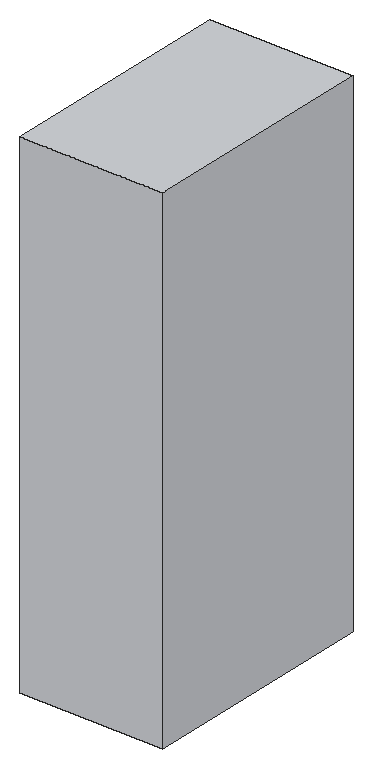
Revit family "第二期車站09_RTU機櫃_600x1000x2100", category 電氣設備, Revit 2025
Family settings
  面板規劃 = 兩欄，回路穿越
  圓形接點標註 = 使用直徑
  組件類型 = 分電盤
  OmniClass 編號 = 23.80.30.11.17
  OmniClass 標題 = Distribution Boards and Control Panels
  以工作平面為基礎 = 否
  總是垂直 = 是
  載入時使用空心切割 = 否
  維持標註方位 = 否
  共用 = 否
  房間計算點 = 否
Parameters (values of type "RTU 與網路機櫃")
  built-in parameter 1155100 [instance] = -1
  Default Elevation = 0 mm
  built-in parameter 1140142 [instance] = -1
  SCADA_高mm [instance] = "2100"
  SCADA_附錄F項次 [instance] = "27"
  SCADA_附錄D項次 [instance] = "18"
  SCADA_編號 [instance] = "P2S09-COMS-RTU-01"
  SCADA_站點 [instance] = "車站 9"
  SCADA_深mm [instance] = "1000"
  SCADA_機櫃類型 [instance] = "RTU 與網路機櫃"
  SCADA_期別 [instance] = "第二期"
  SCADA_房間 [instance] = "COMS/SCADA 設備室"
  SCADA_建物 [instance] = "車站"
  SCADA_尺寸 [instance] = "600W×1000D×2100H"
  SCADA_寬mm [instance] = "600"
  SCADA_定位來源 [instance] = "獨立設備族群（載入專案後定位）"
  SCADA_備註 [instance] = ""
  SCADA_來源文件 [instance] = "Installation SoW_V6（Rev.006, 2026-07-02）附錄 D / F；依原文顏色標示排除已刪除項目"
  SCADA_UPS電源110V [instance] = "雙 UPS 電源（2×4500VA）"
  built-in parameter 1140140 [instance] = 1 (stored number, unit not read)
Reference planes
  plane 1 "中心 (前/後)": y = 0
  plane 2: z = 0
  plane 3 "中心 (左/右)": x = 0
Forms (mm)
  Extrusion 1, solid
    sketch origin (0, 0, 0) x (1, 0, 0) y (0, 1, 0)
      loop
        line (-300, -500) -> (300, -500) -> (300, 500) -> (-300, 500) -> (-300, -500)
    from 0 to 2100
Lines and regions (mm)
  model lines, style "開門線"
    curve 1: line (300, -500, 0) -> (300, -1100, 0)
    curve 2: arc (-300, -500, 0) -> (-124.264, -924.264, 0) -> (300, -1100, 0) r 600
    curve 3: line (-300, 500, 0) -> (-300, 1100, 0)
    curve 4: arc (300, 500, 0) -> (124.264, 924.264, 0) -> (-300, 1100, 0) r 600
Dimensions and locks
  aligned and locked: level to plane 2
